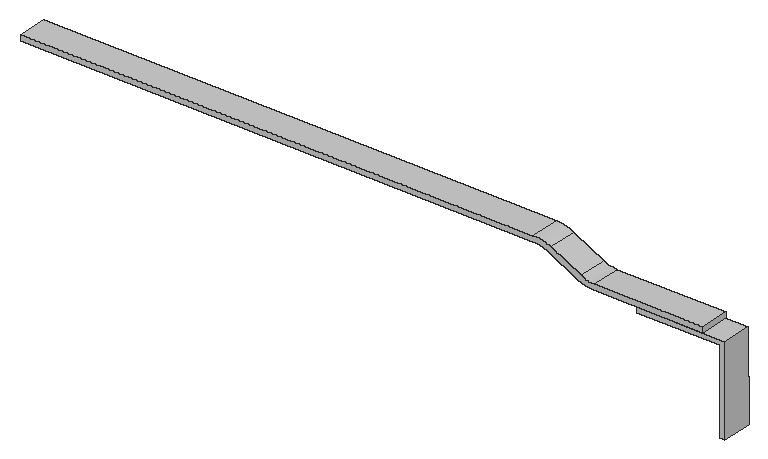
Revit family "Haworth_LIM_Light_Mounted", category Lighting Fixtures, Revit 2018
Family settings
  Round Connector Dimension = Use Diameter
  Part Type = Normal
  OmniClass Number = 23.80.70.11.14
  OmniClass Title = General Luminaries, Directional
  Work Plane-Based = No
  Always vertical = Yes
  Cut with Voids When Loaded = No
  Light Source = Yes
  Shared = No
  Room Calculation Point = No
Parameters (values of type "LLxx-0023 - Slat Mount")
  Wattage Comments = "3 and 9 Watts 120 Volts 60 Hertz"  # constant formula
  Wattage = 9 W
  Warranty = "http://www.haworth.com/resources/product-info/warranties"
  built-in parameter 1150110 = 1 (stored number, unit not read)
  Under Mount = no
  URL - Product = "https://www.haworth.com/na/en/products/lighting/lim.html"
  URL = "http://www.haworth.com/our-brands/haworth-collection"
  built-in parameter 1114217 = 1 (stored number, unit not read)
  built-in parameter 1150109 = 1 (stored number, unit not read)
  built-in parameter 1150134 = 5
  Sustainability Info = "www.haworth.com/en-us/About-Us/Sustainability/Pages/Vision.aspx"
  built-in parameter 1150113 = 1 (stored number, unit not read)
  Slat Mount = not(Under Mount)  # yes
  Size = "Verify Final Dim. w/ Haworth"  # constant formula
  Revision Number = "6"  # constant formula
  Mounting Height [instance] = 50"
  Model = "LLxx-0023"  # constant formula
  Manufacturer = "Haworth"  # constant formula
  built-in parameter 1150105 = 286.48 (stored number, unit not read)
  Lumens = 900 lm
  built-in parameter 1150115 = 1 (stored number, unit not read)
  Light Source Symbol Size = 17"  # constant formula
  Light Source Height = if(Slat Mount, 4 11/16", 0")  # 4 11/16"
  built-in parameter 1150137 = (empty or 0)
  built-in parameter 1150139 = (empty or 0)
  built-in parameter 1150112 = 1 (stored number, unit not read)
  built-in parameter 1150114 = 1 (stored number, unit not read)
  Lamp Finish = Haworth _ Metal _ Brushed Aluminum
  LEED Data = "http://www.haworth.com/_layouts/Haworth.ProductCatalog/Handlers/GetAsset.ashx/LimLightLEEDContribution%202012.pdf?cid=226&rid=3434&type=Leed"
  built-in parameter 1150132 = (empty or 0)
  built-in parameter 1150102 = (empty or 0)
  built-in parameter 1150107 = 6000 (stored number, unit not read)
  built-in parameter 1150138 = (empty or 0)
  built-in parameter 1150106 = 71.62 (stored number, unit not read)
  Emit from Line Length = 17"  # constant formula
  built-in parameter 1150104 = 9.2903 (stored number, unit not read)
  Dimming Lamp Color Temperature Shift = <None>
  Description = "Haworth LIM Light Mounted"  # constant formula
  Color Filter = 16777215
  built-in parameter 1114218 = 1 (stored number, unit not read)
  Author = "SHAPE Environments, LLC"  # constant formula
  built-in parameter 1150133 = 2 (stored number, unit not read)
  Assembly Code = "D5020200"
  Add on Distance = 3 1/2"
  Actual Width = 26 1/2"  # constant formula
  Actual Height = 14"
Types (2): name | Under Mount | Slat Mount | Light Source Height
  LLxx-0023 - Under Mount | yes | no | 0"
  LLxx-0023 - Slat Mount | no | yes | 4 11/16"
Reference planes (in)
  plane 1 "Center F/B": y = 8.82887
  plane 2: z = 50
  plane 3 "Center L/R": x = 1.15861
  plane 4 "Light Source": z = 53.75
  plane 5 "Under Mount Light Source": z = 49.0625
  plane 6 "Slat Light Source": z = 53.75
  plane 7 "Bracket Height": z = 53
Forms (in)
  Sweep 1, solid, material "Haworth _ Metal _ Brushed Aluminum" <- "Lamp Finish", visible <- "Slat Mount"
    path origin (3, 8.82887, -4.75) x (1, 0, 0) y (0, 0, 1)
      loop
        line (-25.84139, 58.5) -> (-8.38189, 58.5)
        arc (-8.38189, 58.5) -> (-8.11092, 58.46867) -> (-7.85426, 58.37634) r 1.1875
        line (-7.85426, 58.37634) -> (-6.84072, 57.87366)
        arc (-6.84072, 57.87366) -> (-6.58405, 57.78133) -> (-6.31309, 57.75) r 1.1875
        line (-6.31309, 57.75) -> (-2.59139, 57.75)
    profile "LIM_Profile : LIM_Profile" origin (-14.11164, 8.82887, 53.75) x (0, 0, 1) y (0, -1, 0)
      loop
        line (0, 0.5) -> (0, -0.5) -> (0.1875, -0.5) -> (0.1875, 0.5) -> (0, 0.5)
  Sweep 2, solid, material "Haworth _ Metal _ Brushed Aluminum" <- "Lamp Finish", visible <- "Slat Mount"
    path origin (-0.68279, 8.82887, 0) x (-1, 0, 0) y (0, 0, 1)
      loop
        line (1.15861, 53) -> (-1.84139, 53) -> (-1.84139, 50)
    profile "LIM_Profile : LIM_Profile" origin (1.15861, 8.82887, 51.5) x (1, 0, 0) y (0, -1, 0)
      loop
        line (0, 0.5) -> (-0.1875, 0.5) -> (-0.1875, -0.5) -> (0, -0.5) -> (0, 0.5)
  Sweep 3, solid, material "Haworth _ Metal _ Brushed Aluminum" <- "Lamp Finish", visible <- "Under Mount"
    path origin (3, 8.82887, 47.5625) x (1, 0, 0) y (0, 0, -1)
      loop
        line (-25.84139, -1.5) -> (-8.38189, -1.5)
        arc (-8.38189, -1.5) -> (-8.11092, -1.53133) -> (-7.85426, -1.62366) r 1.1875
        line (-7.85426, -1.62366) -> (-6.84072, -2.12634)
        arc (-6.84072, -2.12634) -> (-6.58405, -2.21867) -> (-6.31309, -2.25) r 1.1875
        line (-6.31309, -2.25) -> (-2.59139, -2.25)
    profile "LIM_Profile : LIM_Profile" origin (-14.11164, 8.82887, 49.0625) x (0, 0, 1) y (0, -1, 0)
      loop
        line (0, -0.5) -> (0.1875, -0.5) -> (0.1875, 0.5) -> (0, 0.5) -> (0, -0.5)
Lines and regions (in)
  model lines, style "InvisibleLines"
    curve 1: line (1.15861, 8.82887, 50) -> (1.15861, 8.82887, 0)
  symbolic lines, style "Haworth"
    curve 2: line (1.15861, 9.32887, 0) -> (-22.84139, 9.32887, 0)
    curve 3: line (-22.84139, 8.32887, 0) -> (-22.84139, 9.32887, 0)
    curve 4: line (-22.84139, 8.32887, 0) -> (1.15861, 8.32887, 0)
    curve 5: line (1.15861, 9.32887, 0) -> (1.15861, 8.32887, 0)
Dimensions and locks (in)
  plane 3 "Center L/R" to Sweep 1 sketch curve to Sweep 1 sketch curve = 3/4", 23 1/4"
  Sweep 3 sketch curve to Sweep 3 sketch curve = 23 1/4"
  "Light Source Height": plane 4 "Light Source" to plane 5 "Under Mount Light Source"
  locked: plane 6 "Slat Light Source" to plane 2 at 3.75
  locked: plane 6 "Slat Light Source" to plane 7 "Bracket Height" at 0.75
  locked: plane 2 to plane 5 "Under Mount Light Source" at 0.9375
  "Mounting Height": plane 2 to level
  locked: plane 2 to Sweep 3 sketch curve at 0.1875
  locked: plane 2 to Sweep 3 sketch curve at 0.9375
  aligned and locked: plane 4 "Light Source" to imposter light
  aligned and locked: plane 2 to Sweep 2 sketch curve
  aligned and locked: curve 1 to plane 3 "Center L/R"
  aligned and locked: plane 2 to curve 1
  aligned and locked: level to curve 1
  aligned and locked: curve 2 to Sweep 1
  aligned and locked: curve 3 to Sweep 1
  aligned and locked: curve 4 to Sweep 1
  aligned and locked: curve 5 to plane 3 "Center L/R"
  aligned and locked: Sweep 1 to plane 7 "Bracket Height"
Automatic sketch dimensions
  Sweep 1 sketch curve to plane 6 "Slat Light Source" = 0"
  Sweep 1 sketch curve to plane 7 "Bracket Height" = 0"
  Sweep 1 sketch curve to Sweep 1 sketch curve = 5.7905"
  plane 6 "Slat Light Source" to Sweep 1 sketch curve = 0.12366"
  Sweep 1 sketch curve to Sweep 1 sketch curve = 0.52763"
  plane 7 "Bracket Height" to Sweep 1 sketch curve = 0.12366"
  Sweep 1 sketch curve to Sweep 1 sketch curve = 1.01354"
  Sweep 1 sketch curve to plane 6 "Slat Light Source" = 7/16"
  plane 3 "Center L/R" to Sweep 3 sketch curve = 24"
  Sweep 3 sketch curve to Sweep 3 sketch curve = 5.7905"
  plane 5 "Under Mount Light Source" to Sweep 3 sketch curve = 0.12366"
  Sweep 3 sketch curve to Sweep 3 sketch curve = 1.01354"
  Sweep 3 sketch curve to plane 5 "Under Mount Light Source" = 7/16"
  Sweep 3 sketch curve to Sweep 3 sketch curve = 0.52763"
  Sweep 2 sketch curve to plane 3 "Center L/R" = 0"
  Sweep 2 sketch curve to plane 7 "Bracket Height" = 0"
  plane 3 "Center L/R" to Sweep 2 sketch curve = 3"
  Sweep 3 sketch curve to plane 2 = 1/4"
